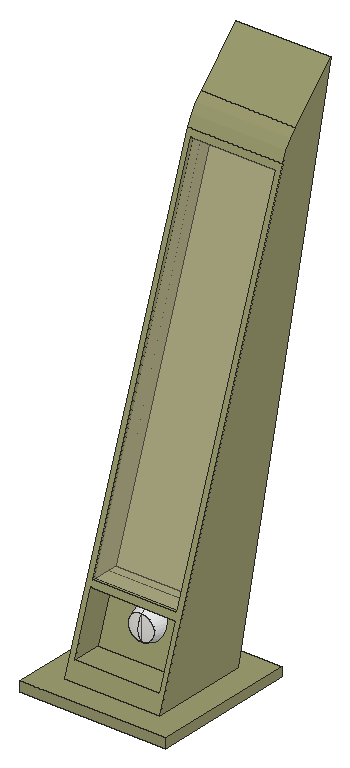
Revit family "KM5-Wall Mount", category Lighting Fixtures, host Face, Revit 2013
Parameters (values of type "KM51-Wall Mount")
  Watts = 50 W
  Voltage = 120 V
  URL = "http://www.aal.net/"
  Product Page URL = "http://www.aal.net/products/kick_mini_medium"
  Product Documentation Link = "http://cdn.aal.net/content/products/specs/specs_files/aal_km5_spec.pdf"
  Power Factor = 1
  Photometrics Web = Web KM5 : KM5-T2-5040
  Model = "KicK™ Mini Medium-Wall Mount"  # constant formula
  Manufacturer Phone = "626-968-5666"  # constant formula
  Manufacturer Fax = "626-369-2695"  # constant formula
  Manufacturer = "Architectural Area Lighting"  # constant formula
  Load Classification = Lighting
  Lamp = "LED"
  Height [instance] = 120.000"
  Glass = Hubbell-Glass
  Finish = Hubbell-Titanium
  Description = "KM5 brings the performance and features of the full size KicK luminaires into a smaller form factor for architectural pole or building mount applications"  # constant formula
  Default Elevation = 48.000"
  Assembly Code = "D5020280"
  Apparent Load = Watts / Power Factor  # 50 VA
Reference planes (in)
  plane 1 "Center (Front/Back)": y = 0
  plane 2: z = 0
  plane 3 "Center (Left/Right)": x = 0
  plane 4: z = 0.5
  plane 5: y = 3.85
  plane 6: y = -3.85
  plane 7: x = -3.85
  plane 8: x = 3.85
  plane 9: z = 26.8
  plane 10: y = 8.75
Forms (in)
  Extrusion 1, solid, material "Hubbell-Titanium" <- "Finish"
    sketch origin (0, 0, 0) x (1, 0, 0) y (0, 1, 0)
      loop
        line (-3.85, 3.85) -> (-3.85, -3.85) -> (3.85, -3.85) -> (3.85, 3.85) -> (-3.85, 3.85)
    from 0 to 0.5
Dimensions and locks (in)
  locked: host sketch curve to host sketch curve at 48  (x2)
  equal spacing: host sketch curve, plane 3 "Center (Left/Right)", host sketch curve
  equal spacing: host sketch curve, plane 1 "Center (Front/Back)", host sketch curve
  plane 3 "Center (Left/Right)" to host sketch curve = 24.000"
  plane 1 "Center (Front/Back)" to host sketch curve = 24.000"
  locked: plane 4 to plane 2 at 0.5
  equal spacing: plane 7, plane 3 "Center (Left/Right)", plane 8
  locked: plane 7 to plane 8 at 7.7
  equal spacing: plane 5, plane 1 "Center (Front/Back)", plane 6
  locked: plane 5 to plane 6 at 7.7
  plane 10 to plane 6 = 12.600"
  plane 9 to plane 2 = 26.800"
  aligned and locked: plane 2 to host face
  aligned and locked: level to host face
  aligned and locked: Extrusion 1 sketch curve to plane 5
  aligned and locked: plane 7 to Extrusion 1 sketch curve
  aligned and locked: plane 6 to Extrusion 1 sketch curve
  aligned and locked: Extrusion 1 sketch curve to plane 8
  aligned and locked: plane 4 to Extrusion 1
  aligned and locked: nested 1 to plane 10
  aligned and locked: nested 1 to plane 3 "Center (Left/Right)"
Nested families (in)
  nested 1: "Side Mounted" at (0, 2.65, 0.5) x (-1, 0, 0) z (0, 0, 1), Finish <- "Finish", Glass <- "Glass", type "Side Mounted"
    with Glass Hubbell-Glass, Finish Hubbell-Titanium
  nested 2: "Web KM5" at (-0.18375, 2.30606, 13.58752) x (0, -0.3379, -0.9412) z (0, -0.9412, 0.3379), type <- "Photometrics Web", type "KM5-T2-5040"
Connectors (in)
  electrical at (0, 0, 0), driven by "Load Classification", driven by "Voltage", driven by "Apparent Load", driven by "Power Factor"
    settings: on Extrusion 1, index 1, voltage 120 V, apparent load 50 VA, apparent load phase1 0 VA, apparent load phase2 0 VA, apparent load phase3 0 VA, power factor 1, load classification "Lighting", number of poles 1, system type 30, power factor state 1, is connector primary yes, connector utility no, sub classification motor no, connector description "Lighting Connector"
Definition of nested family "Side Mounted"
  Parameters (values of type "Side Mounted")
    URL = ""
    Sensor = Hubbell-White
    Product Page URL = ""
    Product Documentation Link = ""
    Model = ""
    Manufacturer Phone = ""
    Manufacturer Fax = ""
    Manufacturer = ""
    Glass [instance] = Hubbell-Glass
    Finish [instance] = none
    Description = ""
    Default Elevation = 48.000"
    Apparent Load = 0 VA
  Reference planes (in)
    plane 1 "Center (Front/Back)": y = 0
    plane 2: z = 0
    plane 3 "Center (Left/Right)": x = 0
    plane 4: x = -2.5
    plane 5: x = 2.5
    plane 6: x = -2.25
    plane 7: x = 2.25
    plane 8: y = 5.2
    plane 9: z = 26.3
    plane 10: y = -6.1
  Forms (in)
    Extrusion 1, solid
      sketch origin (0, 0, 0) x (1, 0, 0) y (0, 1, 0)
        loop
          line (-24, 24) -> (-24, -24) -> (24, -24) -> (24, 24) -> (-24, 24)
      from 0 to -1.5
    Extrusion 2, solid, material <- "Finish"
      sketch origin (0, 0, 0) x (0, 1, 0) y (0, 0, 1)
        loop
          line (0, 0) -> (5.21148, 0) -> (-2.92381, 22.6562)
          arc (-2.92381, 22.6562) -> (-3.30316, 23.35924) -> (-3.82625, 23.96302) r 3.65346
          line (-3.82625, 23.96302) -> (-6.1, 26.3) -> (0, 0)
      from -2.5 to 2.5
    Extrusion 3, void
      sketch origin (0, 0, 0) x (0, 1, 0) y (0, 0, 1)
        loop
          line (4.90851, 0.84375) -> (3.8328, 3.83952) -> (2.28992, 3.83952) -> (3.36562, 0.84375) -> (4.90851, 0.84375)
        loop
          line (-4.33879, 22.3) -> (2.18507, 4.1315) -> (3.72796, 4.1315) -> (-2.7959, 22.3) -> (-4.33879, 22.3)
      from -2.25 to 2.25
    Extrusion 4, solid, material "Hubbell-Glass" <- "Glass"
      sketch origin (0, 0, 0) x (0, 1, 0) y (0, 0, 1)
        loop
          line (-2.96403, 22.3) -> (-3.5597, 22.3) -> (2.69622, 4.1315) -> (3.55983, 4.1315) -> (-2.96403, 22.3)
      from -2.25 to 2.25
    Revolve 5, solid, material "Hubbell-White" <- "Sensor"
      sketch origin (0, 0, 0) x (0, 1, 0) y (0, 0, 1)
        loop
          line (-2.5, 1.1749) -> (-1.80768, 1.1749) -> (0, 0) -> (0, 1.9249) -> (-2.5, 1.9249) -> (-2.5, 1.1749)
        axis (-2.5, 1.9249) -> (0, 1.9249)
      angle from 0 to 360
    Revolve 6, solid, material "Hubbell-White" <- "Sensor"
      sketch origin (0, 0, 0.28125) x (0, 1, 0) y (0, 0, 1)
        loop
          line (3.28062, 2.1749) -> (3.28062, 2.85862) -> (2.31338, 3.21351) -> (2.31338, 2.1749) -> (3.28062, 2.1749)
        axis (2.31338, 2.1749) -> (3.28062, 2.1749)
      angle from 0 to 360
    Revolve 7, solid, material "Hubbell-Glass" <- "Glass"
      sketch origin (0, 0, 0.28125) x (0, 1, 0) y (0, 0, 1)
        loop
          line (3.28062, 2.8573) -> (3.28062, 2.1749) -> (3.51082, 2.1749)
          arc (3.51082, 2.1749) -> (3.43891, 2.53067) -> (3.28062, 2.8573) r 1.44518
        axis (3.28062, 2.1749) -> (3.51082, 2.1749)
      angle from 0 to 360
  Cuts and joins
    Extrusion 3 cuts Extrusion 2
  Dimensions and locks (in)
    locked: Extrusion 1 sketch curve to Extrusion 1 sketch curve at 48  (x2)
    equal spacing: Extrusion 1 sketch curve, plane 3 "Center (Left/Right)", Extrusion 1 sketch curve
    equal spacing: Extrusion 1 sketch curve, plane 1 "Center (Front/Back)", Extrusion 1 sketch curve
    plane 3 "Center (Left/Right)" to Extrusion 1 sketch curve = 24.000"
    plane 1 "Center (Front/Back)" to Extrusion 1 sketch curve = 24.000"
    equal spacing: plane 5, plane 3 "Center (Left/Right)", plane 4
    locked: plane 5 to plane 4 at 5
    equal spacing: plane 7, plane 3 "Center (Left/Right)", plane 6
    locked: plane 6 to plane 4 at 0.25
    plane 8 to plane 1 "Center (Front/Back)" = 5.200"
    plane 9 to plane 2 = 26.300"
    plane 1 "Center (Front/Back)" to plane 10 = 6.100"
    plane 5 to plane 7 = 0.250"
    aligned and locked: plane 2 to Extrusion 1
    aligned and locked: level to Extrusion 1
    aligned and locked: plane 1 "Center (Front/Back)" to Extrusion 2 sketch curve
    aligned and locked: plane 2 to Extrusion 2 sketch curve
    aligned and locked: Extrusion 2 to plane 4
    aligned and locked: Extrusion 2 to plane 5
    aligned and locked: Extrusion 4 to plane 6
    aligned and locked: plane 7 to Extrusion 4
    aligned and locked: Extrusion 3 to plane 6
    aligned and locked: plane 7 to Extrusion 3
  Automatic sketch dimensions
    Revolve 5 sketch curve to plane 1 "Center (Front/Back)" = 0.000"
    Revolve 5 sketch curve to level = 0.000"
    plane 1 "Center (Front/Back)" to Revolve 5 sketch curve = 1.80768"
    Revolve 5 sketch curve to Revolve 5 sketch curve = 0.69232"
    Revolve 5 sketch curve to Revolve 5 sketch curve = 0.000"  (x2)
    Revolve 5 sketch curve to Revolve 5 sketch curve = 1.750"
    level to Revolve 5 sketch curve = 1.1749"
    Revolve 5 sketch curve to Revolve 5 sketch curve = 1.9249"
    Revolve 6 sketch curve to plane 1 "Center (Front/Back)" = 2.31338"
    level to Revolve 6 sketch curve = 2.45615"  (x2)
    Revolve 6 sketch curve to Revolve 6 sketch curve = 0.96724"
    plane 1 "Center (Front/Back)" to Revolve 6 sketch curve = 2.500"
    Revolve 6 sketch curve to plane 8 = 1.400"
    Revolve 6 sketch curve to Revolve 6 sketch curve = 0.68373"
    Revolve 6 sketch curve to Revolve 6 sketch curve = 0.35489"
    plane 10 to Extrusion 2 sketch curve = 2.27375"
    Extrusion 2 sketch curve to plane 9 = 3.6438"
    Extrusion 2 sketch curve to plane 9 = 0.000"
    plane 10 to Extrusion 2 sketch curve = 0.000"
    Extrusion 2 sketch curve to Extrusion 2 sketch curve = 0.90245"
    Extrusion 2 sketch curve to plane 8 = 0.01148"
    Extrusion 2 sketch curve to plane 10 = 0.20946"
    Extrusion 2 sketch curve to Extrusion 2 sketch curve = 1.30682"
    plane 1 "Center (Front/Back)" to Extrusion 4 sketch curve = 2.96403"
    plane 8 to Extrusion 4 sketch curve = 1.64017"
    level to Extrusion 4 sketch curve = 4.1315"
    Extrusion 4 sketch curve to Extrusion 4 sketch curve = 0.59567"
    Extrusion 4 sketch curve to Extrusion 4 sketch curve = 0.86362"
    Extrusion 4 sketch curve to plane 9 = 4.000"
    plane 1 "Center (Front/Back)" to Extrusion 3 sketch curve = 2.7959"
    plane 8 to Extrusion 3 sketch curve = 0.29149"
    level to Extrusion 3 sketch curve = 0.84375"
    Extrusion 3 sketch curve to plane 1 "Center (Front/Back)" = 2.28992"
    Extrusion 3 sketch curve to Extrusion 3 sketch curve = 1.54289"
    plane 8 to Extrusion 3 sketch curve = 1.47204"
    Extrusion 3 sketch curve to Extrusion 3 sketch curve = 0.10484"  (x2)
    plane 10 to Extrusion 3 sketch curve = 1.76121"
    Extrusion 3 sketch curve to Extrusion 3 sketch curve = 2.99577"
    Extrusion 3 sketch curve to Extrusion 3 sketch curve = 0.29198"
    Extrusion 3 sketch curve to plane 9 = 4.000"
    plane 8 to Revolve 7 sketch curve = 1.91938"
    level to Revolve 7 sketch curve = 2.45615"  (x2)
    Revolve 7 sketch curve to Revolve 7 sketch curve = 0.43418"
    Revolve 7 sketch curve to Revolve 7 sketch curve = 0.23019"
    Revolve 7 sketch curve to plane 8 = 1.30372"
    Revolve 7 sketch curve to Revolve 7 sketch curve = 1.21108"
    Revolve 7 sketch curve to Revolve 7 sketch curve = 0.10615"
Definition of nested family "Web KM5"
  Parameters (values of type "KM5-T2-5050")
    Watts = 50 W
    Wattage Comments = ""
    Wattage = 50 W
    built-in parameter 1150110 = 1 (stored number, unit not read)
    URL = ""
    built-in parameter 1114217 = 1 (stored number, unit not read)
    Tilt Angle = -90.00°
    built-in parameter 1150109 = 1 (stored number, unit not read)
    built-in parameter 1150134 = 2
    built-in parameter 1150113 = 1 (stored number, unit not read)
    Product Page URL = ""
    Product Documentation Link = ""
    Photometric Web Notes = "More files Download Photometric Web Link"  # constant formula
    Photometric Web Link = "http://www.aal.net/products/kick_mini_medium"
    Photometric Web File = "KM5-T2-5050.IES"
    Model = ""
    Manufacturer Phone = ""
    Manufacturer Fax = ""
    Manufacturer = ""  # constant formula
    built-in parameter 1150105 = 445.63 (stored number, unit not read)
    Lumens = 5600 lm
    built-in parameter 1150115 = 1 (stored number, unit not read)
    built-in parameter 1150137 = (empty or 0)
    built-in parameter 1150139 = (empty or 0)
    built-in parameter 1150112 = 1 (stored number, unit not read)
    built-in parameter 1150114 = 1 (stored number, unit not read)
    Lamp = "LED"
    built-in parameter 1150132 = (empty or 0)
    built-in parameter 1150102 = (empty or 0)
    built-in parameter 1150107 = 5000 (stored number, unit not read)
    built-in parameter 1150138 = (empty or 0)
    built-in parameter 1150106 = 4.4563 (stored number, unit not read)
    Emit from Rectangle Width = 4.500"  # constant formula
    Emit from Rectangle Length = 19.000"  # constant formula
    Emit Shape Visible in Rendering = no
    built-in parameter 1150104 = 10.405 (stored number, unit not read)
    Dimming Lamp Color Temperature Shift = (empty or 0)
    Description = ""
    Default Elevation = 48.000"
    Color Filter = 16777215
    built-in parameter 1114218 = 1 (stored number, unit not read)
    built-in parameter 1150133 = 10 (stored number, unit not read)
    Apparent Load = 0 VA
  Types (6): name | Watts | Wattage | built-in parameter 1150134 | Photometric Web File | built-in parameter 1150105 | Lumens | built-in parameter 1150107 | built-in parameter 1150106 | built-in parameter 1150104
    KM5-T2-5050 | 50 W | 50 W | 2 | "KM5-T2-5050.IES" | 445.63 (stored number, unit not read) | 5600 lm | 5000 (stored number, unit not read) | 4.4563 (stored number, unit not read) | 10.405 (stored number, unit not read)
    KM5-T3-5040 | 50 W | 50 W | 12 | "KM5-T3-5040.ies" | 465.53 (stored number, unit not read) | 5850 lm | 4000 (stored number, unit not read) | 4.6553 (stored number, unit not read) | 10.87 (stored number, unit not read)
    KM5-T4-7040 | 70 W | 70 W | 12 | "KM5-T4-7040.ies" | 629.46 (stored number, unit not read) | 7910 lm | 4000 (stored number, unit not read) | 6.2946 (stored number, unit not read) | 10.498 (stored number, unit not read)
    KM5-T4-MO-7050 | 70 W | 70 W | 2 | "KM5-T4-MO-7050.IES" | 629.46 (stored number, unit not read) | 7910 lm | 5000 (stored number, unit not read) | 6.2946 (stored number, unit not read) | 10.498 (stored number, unit not read)
    KM5-T2-5040 | 50 W | 50 W | 12 | "KM5-T2-5040.ies" | 1605.5 (stored number, unit not read) | 5650 lm | 4000 (stored number, unit not read) | 16.055 (stored number, unit not read) | 10.498 (stored number, unit not read)
    KM5-T3-MO-5040 | 50 W | 50 W | 12 | "KM5-T3-MO-5040.ies" | 465.53 (stored number, unit not read) | 5850 lm | 4000 (stored number, unit not read) | 4.6553 (stored number, unit not read) | 10.87 (stored number, unit not read)
  Reference planes (in)
    plane 1 "Center (Front/Back)": y = 0.03999
    plane 2: z = 0
    plane 3 "Center (Left/Right)": x = -0.23896
  Forms (in)
    Extrusion 1, solid
      sketch origin (0, 0, 0.06357) x (1, 0, 0) y (0, 1, 0)
        loop
          line (-48, 48) -> (-48, -48) -> (48, -48) -> (48, 48) -> (-48, 48)
      from -0.06357 to -13.79058
  Lines and regions (in)
    reference lines
      curve 1: line (-0.23896, 0.03999, 18.11448) -> (-0.23896, 0.03999, -22.88552)
      curve 2: line (-0.23896, 0.03999, 34) -> (-0.23896, 0.03999, -22.88552)
  Dimensions and locks (in)
    aligned and locked: plane 2 to Extrusion 1
    aligned and locked: level to Extrusion 1
    aligned and locked: Extrusion 1 to imposter light
    aligned and locked: plane 3 "Center (Left/Right)" to imposter light
    aligned and locked: imposter light to plane 1 "Center (Front/Back)"
    aligned and locked: curve 1 to plane 3 "Center (Left/Right)"
    aligned and locked: plane 1 "Center (Front/Back)" to curve 2
